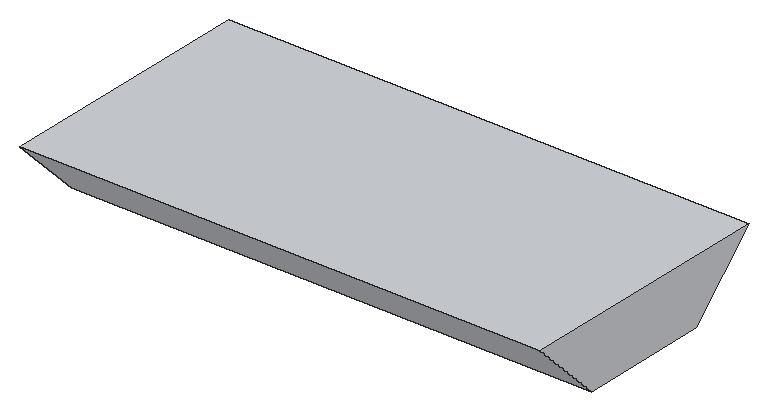
Revit family "PlainRecessedLightingFixtureMod", category Lighting Fixtures, host Face, Revit 2012
Parameters (values of type "2x4 - 277")
  Width = 2' - 0"
  Wattage = 96 W
  built-in parameter 1150110 = 1 (stored number, unit not read)
  built-in parameter 1150109 = 1 (stored number, unit not read)
  built-in parameter 1150134 = 8
  built-in parameter 1150113 = 1 (stored number, unit not read)
  Tilt Angle = -90.00°
  Lumens = 8549.76 lm
  built-in parameter 1114217 = 0.88 (stored number, unit not read)
  built-in parameter 1150115 = 1 (stored number, unit not read)
  built-in parameter 1150105 = 680.37 (stored number, unit not read)
  Load Classification = Lighting - Dwelling Unit
  built-in parameter 1150137 = 1
  built-in parameter 1150139 = (empty or 0)
  Length = 4' - 0"
  Photometric Web File = "2x43A12.ies"
  built-in parameter 1150112 = 1 (stored number, unit not read)
  built-in parameter 1150114 = 1 (stored number, unit not read)
  built-in parameter 1150132 = (empty or 0)
  built-in parameter 1150102 = (empty or 0)
  built-in parameter 1150138 = (empty or 0)
  built-in parameter 1150107 = 4230 (stored number, unit not read)
  built-in parameter 1150106 = 6.8037 (stored number, unit not read)
  Emit from Rectangle Width = Width  # 2' - 0"
  Emit from Rectangle Length = Length  # 4' - 0"
  Emit Shape Visible in Rendering = no
  built-in parameter 1150104 = 8.2739 (stored number, unit not read)
  Dimming Lamp Color Temperature Shift = <None>
  Depth = 0' - 6"
  Default Elevation = 4' - 0"
  Color Filter = 16777215
  built-in parameter 1140040 [instance] = 1
  Ballast Voltage = 277 V
  built-in parameter 1114218 = 0.88 (stored number, unit not read)
  built-in parameter 1150133 = 10 (stored number, unit not read)
  Assembly Code = ""
  Apparent Load = 96 VA
Types (8): name | Width | Wattage | Lumens | built-in parameter 1150105 | Length | Photometric Web File | built-in parameter 1150106 | Emit from Rectangle Width | Emit from Rectangle Length | built-in parameter 1150104 | Ballast Voltage | Apparent Load
  1x4 - 120 | 1' - 0" | 64 W | 5699.84 lm | 453.58 (stored number, unit not read) | 4' - 0" | "1x42A12.ies" | 4.5358 (stored number, unit not read) | 1' - 0" | 4' - 0" | 8.2739 (stored number, unit not read) | 120 V | 64 VA
  1x4 - 277 | 1' - 0" | 64 W | 5699.84 lm | 453.58 (stored number, unit not read) | 4' - 0" | "1x42A12.ies" | 4.5358 (stored number, unit not read) | 1' - 0" | 4' - 0" | 8.2739 (stored number, unit not read) | 277 V | 64 VA
  20x4 - 120 | 1' - 8" | 64 W | 364800 lm | 29029.9 (stored number, unit not read) | 4' - 0" | "20x42A12.ies" | 290.3 (stored number, unit not read) | 1' - 8" | 4' - 0" | 529.55 (stored number, unit not read) | 120 V | 64 VA
  20x4 - 277 | 1' - 8" | 64 W | 5699.84 lm | 453.58 (stored number, unit not read) | 4' - 0" | "20x42A12.ies" | 4.5358 (stored number, unit not read) | 1' - 8" | 4' - 0" | 8.2739 (stored number, unit not read) | 277 V | 64 VA
  2x2 - 120 | 2' - 0" | 62 W | 5199.94 lm | 413.8 (stored number, unit not read) | 2' - 0" | "2x22UA12.ies" | 4.138 (stored number, unit not read) | 2' - 0" | 2' - 0" | 7.7918 (stored number, unit not read) | 120 V | 62 VA
  2x2 - 277 | 2' - 0" | 62 W | 5199.94 lm | 413.8 (stored number, unit not read) | 2' - 0" | "2x22UA12.ies" | 4.138 (stored number, unit not read) | 2' - 0" | 2' - 0" | 7.7918 (stored number, unit not read) | 277 V | 62 VA
  2x4 - 120 | 2' - 0" | 96 W | 8549.76 lm | 680.37 (stored number, unit not read) | 4' - 0" | "2x43A12.ies" | 6.8037 (stored number, unit not read) | 2' - 0" | 4' - 0" | 8.2739 (stored number, unit not read) | 120 V | 96 VA
  2x4 - 277 | 2' - 0" | 96 W | 8549.76 lm | 680.37 (stored number, unit not read) | 4' - 0" | "2x43A12.ies" | 6.8037 (stored number, unit not read) | 2' - 0" | 4' - 0" | 8.2739 (stored number, unit not read) | 277 V | 96 VA
Reference planes (in)
  plane 1 "Center (Front/Back)": y = 0
  plane 2: z = 0
  plane 3 "Center (Left/Right)": x = 0
  plane 4: x = 48
  plane 5: y = -24
  plane 6: z = -6
  plane 7: y = -12
  plane 8: x = 24
Forms (in)
  Extrusion 1, solid, detail levels medium
    sketch origin (0, 0, 0) x (1, 0, 0) y (0, 1, 0)
      loop
        line (-84, 83) -> (-84, -94.40654) -> (91.83112, -94.40654) -> (91.83112, 83) -> (-84, 83)
    from 0 to -12
  Extrusion 2, solid, detail levels fine
    sketch origin (0, -34.92492, 0) x (1, 0, 0) y (0, 1, 0)
      loop
        line (0, 34.92492) -> (0, 10.92492) -> (48, 10.92492) -> (48, 34.92492) -> (0, 34.92492)
    from 0 to -6
  Extrusion 3, void
    sketch origin (0, 0, 0) x (0, 1, 0) y (0, 0, 1)
      loop
        line (-24, 0) -> (-24, -6) -> (-18, -6) -> (-24, 0)
    from 50.7073 to -6
  Extrusion 4, void
    sketch origin (0, -12, 0) x (0, -1, 0) y (0, 0, -1)
      loop
        line (-12, 0) -> (-6, 6) -> (-12, 6) -> (-12, 0)
    from 50.7073 to -6
  Extrusion 5, solid, detail levels coarse+medium
    sketch origin (0, 0, 0) x (1, 0, 0) y (0, 1, 0)
      loop
        line (0, 0) -> (0, -24) -> (48, -24) -> (48, 0) -> (0, 0)
    from 0.34659 to -6
Cuts and joins
  Extrusion 3, Extrusion 4 cuts Extrusion 2
Dimensions and locks (in)
  "Length": plane 3 "Center (Left/Right)" to plane 4
  "Width": plane 5 to plane 1 "Center (Front/Back)"
  "Depth": Extrusion 1 to plane 6
  "Depth": Extrusion 3 sketch curve to Extrusion 3 sketch curve  (x2)
  "Depth": Extrusion 4 sketch curve to Extrusion 4 sketch curve  (x2)
  equal spacing: plane 5, plane 7, plane 1 "Center (Front/Back)"
  equal spacing: plane 3 "Center (Left/Right)", plane 8, plane 4
  aligned and locked: Extrusion 1 to plane 2
  aligned and locked: Extrusion 1 to level
  aligned and locked: plane 3 "Center (Left/Right)" to Extrusion 2 sketch curve
  aligned and locked: plane 1 "Center (Front/Back)" to Extrusion 2 sketch curve
  aligned and locked: plane 5 to Extrusion 2 sketch curve
  aligned and locked: Extrusion 2 sketch curve to plane 4
  aligned and locked: Extrusion 2 to plane 6
  aligned and locked: plane 5 to Extrusion 2
  aligned and locked: plane 6 to Extrusion 3 sketch curve
  aligned and locked: plane 5 to Extrusion 3 sketch curve
  aligned and locked: Extrusion 5 to plane 1 "Center (Front/Back)"
  aligned and locked: Extrusion 5 to plane 3 "Center (Left/Right)"
  aligned and locked: plane 4 to Extrusion 5
  aligned and locked: Extrusion 5 to plane 5
  aligned and locked: cut or joined group of Extrusion 2, Extrusion 3, Extrusion 4 to plane 3 "Center (Left/Right)"
  aligned and locked: plane 7 to imposter light
Automatic sketch dimensions
  Extrusion 4 sketch curve to plane 1 "Center (Front/Back)" = 0' - 0"
  Extrusion 4 sketch curve to plane 6 = 0' - 0"
  Extrusion 5 sketch curve to plane 3 "Center (Left/Right)" = 0' - 0"
  Extrusion 5 sketch curve to plane 5 = 0' - 0"
  Extrusion 5 sketch curve to plane 1 "Center (Front/Back)" = 0' - 0"
  Extrusion 5 sketch curve to plane 4 = 0' - 0"
  Extrusion 1 sketch curve to Extrusion 1 sketch curve = 14' - 7.83112"
  Extrusion 1 sketch curve to Extrusion 1 sketch curve = 14' - 9.40654"
Nested families (in)
  nested 1: "Family2" at (0, -24, 0), type "Family2"
Connectors (in)
  electrical at (24, -12, -6), driven by "Ballast Voltage", driven by "Apparent Load", driven by "Load Classification"
    settings: on Extrusion 5, index 1, voltage 277 V, apparent load 0 VA, apparent load phase1 96 VA, apparent load phase2 0 VA, apparent load phase3 0 VA, power factor 0.95, load classification "Lighting - Dwelling Unit", number of poles 1, system type 31, power factor state 1, is connector primary yes, connector utility no, sub classification motor no, connector description ""
Definition of nested family "Family2"
  Reference planes (in)
    plane 1 "Center (Front/Back)": y = 0
    plane 2: z = 0
    plane 3 "Center (Left/Right)": x = 0
  Lines and regions (in)
    detail lines, in view "Ref. Level"
      curve 1: line (0, 0, 0) -> (0, 24, 0)
      curve 2: line (0, 24, 0) -> (48, 24, 0)
      curve 3: line (48, 24, 0) -> (48, 0, 0)
      curve 4: line (48, 0, 0) -> (0, 0, 0)
      curve 5: line (48, 24, 0) -> (0, 0, 0)
